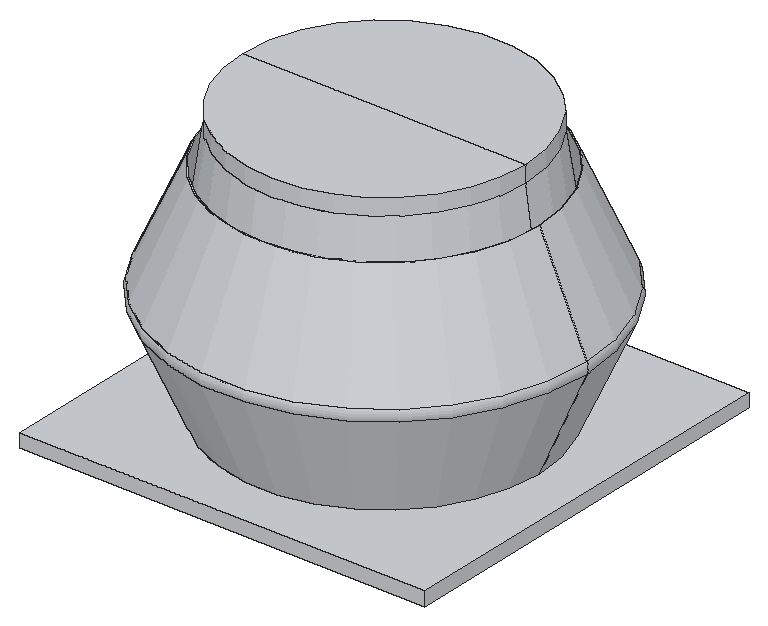
Revit family "4fc93467c75942839af4ada50b21592e", category Mechanical Equipment, host Face, Revit 2021
Family settings
  Host = Face
  Round Connector Dimension = Use Diameter
  Part Type = Normal
  OmniClass Number = 23.75.35.17.27
  OmniClass Title = Centrifugal Fans
  Seek Item ID = Centrifugal Fan -  Rooftop  - Upblast-0000-USA-ENU
  Cut with Voids When Loaded = No
  Shared = No
  Room Calculation Point = No
Parameters (values of type "9785-27053 CFM")
  Voltage = 460 V
  Load Classification = Cooling
  External Static Pressure [instance] = 0.50 in-wg
  Radius 1 = Diameter 1 / 2  # 2' - 4"
  Radius 2 = Diameter 2 / 2  # 2' - 5.2"
  RPM = 661
  Overall Height = 4' - 3 5/8"
  Number of Poles = 3
  Half Outlet Radius = Outlet Width / 2  # 2' - 0"
  Half Exhaust Inlet Height = Outlet Width / 2  # 2' - 0"
  Air Flow [instance] = 27053 CFM
  Fan Radius = 3' - 0 1/2"
  Fan Material = none
  Fan Height = 3' - 4"
  Fan Diameter = Fan Radius * 2  # 6' - 1"
  Outlet Width = 48"
  Outlet Height = Outlet Width  # 48"
  Diameter 2 = 0.8 * Fan Diameter  # 4' - 10.4"
  Diameter 1 = 4' - 8"
  Default Elevation = 4' - 0"
  Cap Radius = Cap Diameter / 2  # 2' - 1.55"
  Cap Diameter = 0.7 * Fan Diameter  # 4' - 3.1"
  Base Width = Fan Diameter  # 6' - 1"
  Apparent Load = 6267.64 VA
Types (8): name | Radius 1 | Radius 2 | RPM | Overall Height | Half Outlet Radius | Half Exhaust Inlet Height | Air Flow | Fan Radius | Fan Height | Fan Diameter | Outlet Width | Outlet Height | Diameter 2 | Diameter 1 | Cap Radius | Cap Diameter | Base Width | Apparent Load
  (no name) | 2' - 4" | 2' - 5.2" | 661 | 4' - 3 5/8" | 2' - 0" | 2' - 0" | 27053 CFM | 3' - 0 1/2" | 3' - 4" | 6' - 1" | 48" | 48" | 4' - 10.4" | 4' - 8" | 2' - 1.55" | 4' - 3.1" | 6' - 1" | 6267.64 VA
  2099-4036 CFM | 1' - 1" | 0' - 11 3/4" | 1564 | 2' - 1" | 0' - 9" | 0' - 9" | 4036 CFM | 1' - 2 11/16" | 1' - 7 1/4" | 2' - 5 3/8" | 18" | 18" | 1' - 11 1/2" | 2' - 2" | 0' - 10 9/32" | 1' - 8 9/16" | 2' - 5 3/8" | 940.15 VA
  2658-5054 CFM | 1' - 3" | 1' - 2.15" | 1527 | 2' - 3" | 0' - 11" | 0' - 11" | 5054 CFM | 1' - 5 11/16" | 1' - 9 5/8" | 2' - 11 3/8" | 22" | 22" | 2' - 4.3" | 2' - 6" | 1' - 0.38125" | 2' - 0.7625" | 2' - 11 3/8" | 1253.53 VA
  2931-5950 CFM | 1' - 5" | 1' - 5.35" | 1303 | 2' - 6 3/8" | 1' - 1" | 1' - 1" | 5950 CFM | 1' - 9 11/16" | 2' - 1 1/2" | 3' - 7 3/8" | 26" | 26" | 2' - 10.7" | 2' - 10" | 1' - 3.18125" | 2' - 6.3625" | 3' - 7 3/8" | 1253.53 VA
  3023-8480 CFM | 1' - 5" | 1' - 5.35" | 1207 | 2' - 10 3/4" | 1' - 1" | 1' - 1" | 8480 CFM | 1' - 9 11/16" | 2' - 1 1/2" | 3' - 7 3/8" | 26" | 26" | 2' - 10.7" | 2' - 10" | 1' - 3.18125" | 2' - 6.3625" | 3' - 7 3/8" | 1880.29 VA
  4876-13218 CFM | 1' - 8" | 1' - 8 1/2" | 1027 | 3' - 3" | 1' - 4" | 1' - 4" | 13218 CFM | 2' - 1 5/8" | 2' - 5 1/2" | 4' - 3 1/4" | 32" | 32" | 3' - 5" | 3' - 4" | 1' - 5 15/16" | 2' - 11 7/8" | 4' - 3 1/4" | 3133.82 VA
  8200-19619 CFM | 1' - 11" | 2' - 1.05" | 840 | 3' - 10 3/8" | 1' - 7" | 1' - 7" | 19619 CFM | 2' - 7 5/16" | 3' - 1 1/2" | 5' - 2 5/8" | 38" | 38" | 4' - 2.1" | 3' - 10" | 1' - 9.91875" | 3' - 7.8375" | 5' - 2 5/8" | 4700.73 VA
  9785-27053 CFM | 2' - 4" | 2' - 5.2" | 661 | 4' - 3 5/8" | 2' - 0" | 2' - 0" | 27053 CFM | 3' - 0 1/2" | 3' - 4" | 6' - 1" | 48" | 48" | 4' - 10.4" | 4' - 8" | 2' - 1.55" | 4' - 3.1" | 6' - 1" | 6267.64 VA
Reference planes (in)
  plane 1 "Center (Front/Back)": y = 0
  plane 2: z = 0
  plane 3 "Center (Left/Right)": x = 0
  plane 4: y = 36.5
  plane 5: y = -36.5
  plane 6: z = 2.5
  plane 7: z = 51.625
  plane 8: z = 48.625
  plane 9: z = 42.5
  plane 10: x = -28
  plane 11: z = 22.5
  plane 12: x = -36.5
  plane 13: z = 23.5
  plane 14: z = 21.5
  plane 15: x = 25.55
  plane 16: x = 29.2
  plane 17: x = -27.875
  plane 18: x = -36.375
  plane 19: x = -36.5
  plane 20: x = 36.5
  plane 21: x = -24
  plane 22: x = 24
  plane 23: y = 24
  plane 24: y = -24
Forms (in)
  Extrusion 1, solid, material <- "Fan Material"
    sketch origin (0, 0, 0) x (1, 0, 0) y (0, 1, 0)
      loop
        line (-36.5, 36.5) -> (-36.5, -36.5) -> (36.5, -36.5) -> (36.5, 36.5) -> (-36.5, 36.5)
    from 0 to 2.5
  Extrusion 2, void
    sketch origin (0, 0, 0) x (1, 0, 0) y (0, 1, 0)
      loop
        circle (0, 0) r 24
    from 0 to 23.5
  Revolve 3, solid, material <- "Fan Material"
    sketch origin (0, 0, 0) x (1, 0, 0) y (0, 0, 1)
      loop
        line (0, 42.5) -> (-28, 42.5) -> (-36.5, 23.5)
        arc (-36.5, 23.5) -> (-36.72256, 22.5) -> (-36.5, 21.5) r 2.3579
        line (-36.5, 21.5) -> (-28, 2.5) -> (0, 2.5) -> (0, 42.5)
      axis (0, 42.5) -> (0, 2.5)
    angle from 0 to 360
  Revolve 4, void
    sketch origin (0, 0, 0) x (1, 0, 0) y (0, 0, 1)
      loop
        line (0, 42.5) -> (-27.875, 42.5) -> (-36.375, 23.5) -> (0, 23.5) -> (0, 42.5)
      axis (0, 42.5) -> (0, 23.5)
    angle from 0 to 360
  Revolve 5, solid, material <- "Fan Material"
    sketch origin (0, 0, 0) x (1, 0, 0) y (0, 0, 1)
      loop
        line (29.2, 23.5) -> (25.55, 48.625) -> (25.55, 51.625) -> (0, 51.625) -> (0, 23.5) -> (29.2, 23.5)
      axis (0, 51.625) -> (0, 23.5)
    angle from 0 to 360
Cuts and joins
  Extrusion 2 cuts Extrusion 1
  Revolve 4 cuts Revolve 3
  joined: Extrusion 1, Revolve 3, Revolve 5
Lines and regions (in)
  symbolic lines
    curve 1: line (-36.5, 36.5, 0) -> (36.5, 36.5, 0)
    curve 2: line (-36.5, -36.5, 0) -> (-36.5, 36.5, 0)
    curve 3: line (36.5, -36.5, 0) -> (-36.5, -36.5, 0)
    curve 4: line (36.5, 36.5, 0) -> (36.5, -36.5, 0)
    curve 9: circle (0, 0, 0) r 36.5 normal (0, 0, 1)
  symbolic lines, detail levels coarse+medium
    curve 5: line (-24, 24, 0) -> (24, 24, 0)
    curve 6: line (-24, -24, 0) -> (-24, 24, 0)
    curve 7: line (24, -24, 0) -> (-24, -24, 0)
    curve 8: line (24, 24, 0) -> (24, -24, 0)
    curve 10: line (-24, 24, 0) -> (24, -24, 0)
    curve 11: line (24, 24, 0) -> (-24, -24, 0)
  symbolic lines, detail levels fine
    curve 12: circle (0, 0, 0) r 29.2 normal (0, 0, 1)
    curve 13: circle (0, 0, 0) r 25.55 normal (0, 0, 1)
    curve 14: circle (0, 0, 0) r 24 normal (0, 0, 1)
Dimensions and locks (in)
  equal spacing: plane 4, plane 1 "Center (Front/Back)", plane 5
  locked: plane 6 to plane 2 at 2.5
  locked: plane 7 to plane 8 at 3
  "Fan Height": plane 9 to plane 6
  "Radius 1": plane 3 "Center (Left/Right)" to plane 10
  "Fan Radius": plane 3 "Center (Left/Right)" to plane 12
  equal spacing: plane 9, plane 11, plane 6
  plane 13 to plane 11 to plane 14 = 0' - 1" locked, 0' - 1" locked
  "Cap Radius": plane 15 to plane 3 "Center (Left/Right)"
  "Radius 2": plane 16 to plane 3 "Center (Left/Right)"
  locked: plane 17 to plane 10 at 0.125
  locked: plane 18 to plane 12 at 0.125
  "Fan Radius": plane 4 to plane 1 "Center (Front/Back)"
  equal spacing: plane 19, plane 3 "Center (Left/Right)", plane 20
  "Fan Radius": plane 19 to plane 3 "Center (Left/Right)"
  "Overall Height": plane 7 to plane 2
  equal spacing: plane 21, plane 3 "Center (Left/Right)", plane 22
  "Outlet Width": plane 21 to plane 22
  equal spacing: plane 24, plane 1 "Center (Front/Back)", plane 23
  "Outlet Height": plane 24 to plane 23
  "Half Exhaust Inlet Height": radius of Extrusion 2 sketch curve
  "Fan Radius": radius of curve 9
  "Radius 2": radius of curve 12
  "Cap Radius": radius of curve 13
  "Half Exhaust Inlet Height": radius of curve 14
  aligned and locked: host face to plane 2
  aligned and locked: host face to level
  aligned and locked: Extrusion 1 sketch curve to plane 4
  aligned and locked: plane 5 to Extrusion 1 sketch curve
  aligned and locked: plane 6 to Extrusion 1
  aligned and locked: plane 3 "Center (Left/Right)" to Extrusion 2 sketch curve
  aligned and locked: plane 1 "Center (Front/Back)" to Extrusion 2 sketch curve
  aligned and locked: plane 13 to Extrusion 2
  aligned and locked: Revolve 3 sketch curve to Revolve 3 sketch curve
  aligned and locked: Revolve 4 sketch curve to Revolve 4 sketch curve
  aligned and locked: plane 13 to Revolve 4 sketch curve
  aligned and locked: Revolve 5 sketch curve to Revolve 5 sketch curve
  aligned and locked: Extrusion 1 to plane 20
  aligned and locked: Extrusion 1 to plane 19
  aligned and locked: plane 21 to curve 5
  aligned and locked: plane 23 to curve 5
  aligned and locked: plane 24 to curve 8
  aligned and locked: curve 8 to plane 22
  aligned and locked: plane 3 "Center (Left/Right)" to curve 9
  aligned and locked: plane 1 "Center (Front/Back)" to curve 9
  aligned and locked: Extrusion 2 to level
Automatic sketch dimensions
  Revolve 3 sketch curve to plane 12 = 0' - 0"  (x2)
  Revolve 3 sketch curve to plane 11 = 0' - 0"
  Revolve 3 sketch curve to plane 6 = 0' - 0"  (x2)
  Revolve 3 sketch curve to plane 10 = 0' - 0"  (x2)
  Revolve 3 sketch curve to plane 9 = 0' - 0"  (x2)
  Revolve 3 sketch curve to plane 3 "Center (Left/Right)" = 0' - 0"
  Revolve 3 sketch curve to plane 14 = 0' - 0"
  plane 12 to Revolve 3 sketch curve = 0' - 2.13534"
  Revolve 4 sketch curve to plane 18 = 0' - 0"
  Revolve 4 sketch curve to plane 9 = 0' - 0"  (x2)
  Revolve 4 sketch curve to plane 17 = 0' - 0"
  Revolve 4 sketch curve to plane 3 "Center (Left/Right)" = 0' - 0"
  Revolve 4 sketch curve to plane 13 = 0' - 0"
  Revolve 5 sketch curve to plane 3 "Center (Left/Right)" = 0' - 0"
  Revolve 5 sketch curve to plane 7 = 0' - 0"  (x2)
  Revolve 5 sketch curve to plane 15 = 0' - 0"
  Revolve 5 sketch curve to plane 13 = 0' - 0"  (x2)
  Revolve 5 sketch curve to plane 16 = 0' - 0"
  Revolve 5 sketch curve to plane 8 = 0' - 0"
  Extrusion 1 sketch curve to plane 12 = 0' - 0"
  plane 16 to Extrusion 1 sketch curve = 0' - 7.3"
  curve 9 to curve 12 = 0' - 0"  (x2)
  curve 9 to curve 13 = 0' - 0"  (x2)
  curve 9 to curve 14 = 0' - 0"  (x2)
  curve 3 to plane 5 = 0' - 0"
  curve 3 to plane 12 = 0' - 0"
  curve 3 to plane 20 = 0' - 0"
  curve 2 to plane 4 = 0' - 0"
  host sketch curve to host sketch curve = 18' - 3.0253"
  host sketch curve to host sketch curve = 15' - 3.30788"
Connectors (in)
  hvac at (0, 0, 2.5), driven by "Air Flow", driven by "Outlet Height", driven by "Outlet Width"
    settings: on cut or joined group of Extrusion 1, Extrusion 2, Revolve 3, Revolve 4, Revolve 5, index 1, duct flow 27053 CFM, flow factor 0, pres drop -0.50 in-wg, loss coef 0, conn angle 0.00°, conn width 48", conn height 48", conn diameter 24", duct sys type 3, conn prof type 1, flow config 0, flow direction 1, loss method 0, conn ref index -1, conn util no, is conn primary yes, conn desc ""
  electrical at (0, 0, 51.625), driven by "Voltage", driven by "Apparent Load", driven by "Number of Poles", driven by "Load Classification"
    settings: on cut or joined group of Extrusion 1, Extrusion 2, Revolve 3, Revolve 4, Revolve 5, index 2, voltage 460 V, apparent load 6267.64 VA, apparent load phase1 0 VA, apparent load phase2 0 VA, apparent load phase3 0 VA, power factor 0.8, load classification "Cooling", number of poles 3, system type 30, power factor state 1, is connector primary yes, connector utility no, sub classification motor no, connector description ""
